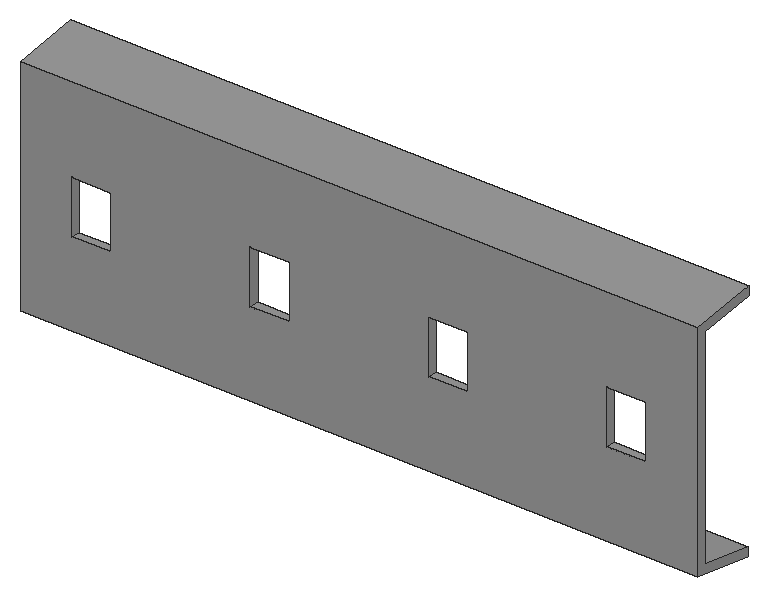
Revit family "I-Stiel Verbinder und Flachrundschrauben", category Generic Models, Revit 2015
Parameters (values of type "VIS 8 FT")
  URL = "http://www.obo-bettermann.com"
  Material = Steel, Galvanized
  Manufacturer Art.No. = "6018300"
  Manufacturer = "OBO Bettermann"
  GTIN = "4012196014231"
  Article Type = "VIS 8 FT"
Types (3, lengths in mm): name | Manufacturer Art.No. | GTIN | Article Type
  (no name) | "6018300" | "4012196014231" | "VIS 8 FT"
  WRVL 110 FS | "6091164" | "4012196299171" | "WRVL 110 FS"
  VIS 8 FT | "6018300" | "4012196014231" | "VIS 8 FT"
Reference planes
  plane 1 "Center (Front/Back)": y = 0
  plane 2: z = 0
  plane 3 "Center (Left/Right)": x = 0
  plane 4: y = 2.5
  plane 5: z = 31.25
  plane 6: z = -31.25
  plane 7: y = 17.75
  plane 8: x = -190
  plane 9: x = -95
  plane 10: x = -70
  plane 11: x = -120
  plane 12: x = -20
  plane 13: x = -170
Forms (mm)
  Extrusion 1, solid, material "Steel, Galvanized" <- "Material"
    sketch origin (0, 0, 0) x (0, 1, 0) y (0, 0, 1)
      loop
        line (17.75, 31.53) -> (17.75, 34.061) -> (0, 31.25) -> (0, -31.25) -> (17.75, -34.061) -> (17.75, -31.53) -> (2.5, -29.115) -> (2.5, 29.115) -> (17.75, 31.53)
    from -190 to 0
  Extrusion 2, void
    sketch origin (0, 0, 0) x (1, 0, 0) y (0, 0, 1)
      loop
        line (-14.5, 7.5) -> (-25.5, 7.5) -> (-25.5, -7.5) -> (-14.5, -7.5) -> (-14.5, 7.5)
      loop
        line (-64.5, 7.5) -> (-75.5, 7.5) -> (-75.5, -7.5) -> (-64.5, -7.5) -> (-64.5, 7.5)
      loop
        line (-114.5, 7.5) -> (-125.5, 7.5) -> (-125.5, -7.5) -> (-114.5, -7.5) -> (-114.5, 7.5)
      loop
        line (-164.5, 7.5) -> (-175.5, 7.5) -> (-175.5, -7.5) -> (-164.5, -7.5) -> (-164.5, 7.5)
    from -2.5 to 0
Cuts and joins
  Extrusion 2 cuts Extrusion 1
Lines and regions (mm)
  reference lines
    curve 1: line (0, 2.5, 29.115) -> (0, 17.75, 31.53)
    curve 2: line (0, 0, 31.25) -> (0, 17.75, 34.061)
    curve 3: line (0, 2.5, -29.115) -> (0, 17.75, -31.53)
    curve 4: line (0, 0, -31.25) -> (0, 17.75, -34.061)
Dimensions and locks
  locked: plane 4 to plane 1 "Center (Front/Back)" at 2.5
  equal spacing: plane 6, level, plane 5
  locked: plane 6 to plane 5 at 62.5
  locked: curve 2 to curve 1 at 2.5
  plane 7 to plane 1 "Center (Front/Back)" = 17.75 mm
  locked: curve 4 to curve 3 at 2.5
  plane 8 to plane 3 "Center (Left/Right)" = 190 mm
  equal spacing: plane 13, plane 9, plane 12
  locked: plane 13 to plane 12 at 150
  locked: plane 10 to plane 12 at 50
  locked: plane 13 to plane 11 at 50
  level to Extrusion 2 sketch curve = 7.5 mm
  equal spacing: Extrusion 2 sketch curve, level, Extrusion 2 sketch curve
  plane 12 to Extrusion 2 sketch curve = 5.5 mm
  equal spacing: Extrusion 2 sketch curve, plane 12, Extrusion 2 sketch curve
  locked: plane 10 to Extrusion 2 sketch curve at 5.5
  equal spacing: Extrusion 2 sketch curve, plane 10, Extrusion 2 sketch curve
  locked: plane 11 to Extrusion 2 sketch curve at 5.5
  equal spacing: Extrusion 2 sketch curve, plane 11, Extrusion 2 sketch curve
  locked: plane 13 to Extrusion 2 sketch curve at 5.5
  equal spacing: Extrusion 2 sketch curve, plane 13, Extrusion 2 sketch curve
  locked: plane 1 "Center (Front/Back)" to curve 2 (angle 81.00°)
  locked: plane 4 to curve 1 (angle 81.00°)
  aligned and locked: level to plane 2
  aligned and locked: Extrusion 1 sketch curve to plane 7  (x2)
  aligned and locked: Extrusion 1 sketch curve to curve 2
  aligned and locked: plane 1 "Center (Front/Back)" to Extrusion 1 sketch curve
  aligned and locked: Extrusion 1 sketch curve to curve 4
  aligned and locked: Extrusion 1 sketch curve to curve 3
  aligned and locked: Extrusion 1 sketch curve to plane 4
  aligned and locked: Extrusion 1 sketch curve to curve 1
  aligned and locked: Extrusion 1 to plane 8
  aligned and locked: plane 3 "Center (Left/Right)" to Extrusion 1
  aligned and locked: Extrusion 2 sketch curve to Extrusion 2 sketch curve  (x6)
  aligned and locked: Extrusion 2 to plane 4
  aligned and locked: plane 1 "Center (Front/Back)" to Extrusion 2
Automatic sketch dimensions
  curve 4 to plane 1 "Center (Front/Back)" = 0 mm
  curve 2 to plane 1 "Center (Front/Back)" = 0 mm
  curve 3 to plane 4 = 0 mm
  curve 1 to plane 4 = 0 mm
  curve 3 to plane 7 = 0 mm
  curve 4 to plane 7 = 0 mm
  curve 4 to plane 6 = 0 mm
  curve 2 to plane 5 = 0 mm
  plane 6 to curve 3 = 0.28 mm
